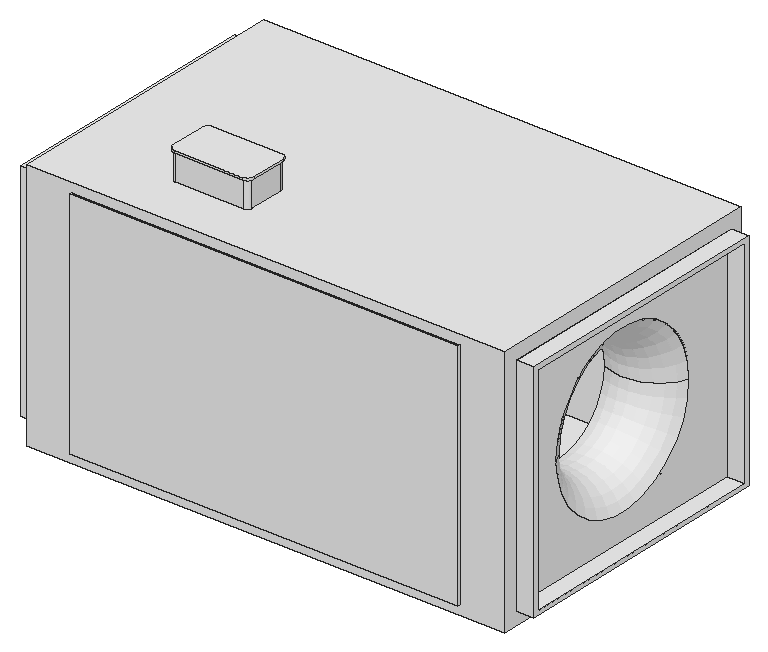
Revit family "In-Line-Centrifugal-Duct-Fan_VIDK_Carnes", category Mechanical Equipment, host Face, Revit 2012
Parameters (values of type "See Type Catalog")
  ecoScorecard_data = ""
  ecoScorecard Product Page = "http://ecoscorecard.com/"
  Warranty URL = "http://www.carnes.com/GeneralCatalogs/termcond.pdf"
  Warranty = ""
  Housing = Aluminum-Carnes-Spun-Brushed
  URL = "http://www.carnes.com/index.html"
  Subcategory = ""
  Specifications URL = ""
  Radius = Damper Size / 2  # 6.000"
  Product Page URL = "http://www.carnes.com/ventilation/vibk-vidk.htm"
  Parts List URL = ""
  Model = "VIDK"
  Material = ""
  Manufacturer Phone = "608-845-6411"  # constant formula
  Manufacturer Fax = "608-845-6470"  # constant formula
  Manufacturer Email = "mailto:carnes@carnes.com"
  Manufacturer Address = "448 S. Main St., P. O. Box 930040, Verona, WI 53593-0040"  # constant formula
  Manufacturer = "Carnes Company"  # constant formula
  IOM Instructions URL = "http://www.carnes.com/ventilation/pdf/1403.pdf"
  F = 12.500"
  E = 25.125"
  Description = "Centrifugal Duct Fan"  # constant formula
  Default Elevation = 0.000"
  Damper Size = 12.000"
  D = 16.500"
  Cost Info = "mailto:carnes@carnes.com"
  Catalog URL = "http://www.carnes.com/ventilation/pdf/C179-C213.pdf"
  C = 12.000"
  B = 28.625"
  Assembly Code = "D3040200"
  A = 14.000"
  95 CSI = "15830"  # constant formula
  04 CSI = "23 34 23"  # constant formula
Reference planes (in)
  plane 1 "Center (Front/Back)": y = 0
  plane 2: z = 0
  plane 3 "Center (Left/Right)": x = 0
  plane 4: y = 8.25
  plane 5: x = -12.5625
  plane 6: y = -8.25
  plane 7: x = 12.5625
  plane 8: x = -14.3125
  plane 9: x = 14.3125
  plane 10: x = 13.3125
  plane 11: x = -13.3125
  plane 12: z = 14
  plane 13: z = 13.25
  plane 14: z = 0.75
  plane 15: z = 7
  plane 16: z = 13
  plane 17: z = 1
  plane 18: z = 10
  plane 19: z = 4
  plane 20: y = -8.375
  plane 21: z = 26
  plane 22: y = 7.75
  plane 23: y = -7.875
  plane 24: x = -0.8125
  plane 25: x = -9.79137
  plane 26: x = -0.6875
  plane 27: x = -9.91637
  plane 28: z = 14.125
  plane 29: x = -2.3125
  plane 30: x = -8.29137
  plane 31: z = 15.625
  plane 32: x = -0.5625
  plane 33: x = -10.04137
  plane 34: x = 9.71153
  plane 35: z = 14.25
  plane 36: z = 10.25
Forms (in)
  Sweep 1, solid, material "Aluminum-Carnes-Spun-Brushed" <- "Housing", detail levels fine
    path origin (0, 0, 0) x (1, 0, 0) y (0, 1, 0)
      loop
        line (13.3125, 0) -> (-13.3125, 0)
    profile origin (0, 0, 0) x (0, -1, 0) y (0, 0, 1)
      loop
        line (-8.25, 0) -> (8.25, 0) -> (8.25, 14) -> (-8.25, 14) -> (-8.25, 0)
      loop
        line (7.45, 13.25) -> (-7.5, 13.25) -> (-7.5, 0.75) -> (7.45, 0.75) -> (7.45, 13.25)
  Sweep 2, solid, material "Aluminum-Carnes-Spun-Brushed" <- "Housing", detail levels fine
    path in 3D
      loop
        line (13.3125, 7.5, 13.25) -> (13.3125, 7.5, 0.75) -> (13.3125, -7.45, 0.75) -> (13.3125, -7.45, 13.25) -> (13.3125, 7.5, 13.25)
    profile origin (13.3125, 0.025, 13.25) x (1, 0, 0) y (0, 0, -1)
      loop
        line (0, 0.25) -> (0, 0) -> (1, 0) -> (1, 0.25) -> (0, 0.25)
  Extrusion 3, solid, material "Aluminum-Carnes-Spun-Brushed" <- "Housing", detail levels fine
    sketch origin (13.3125, 0, 0) x (0, 1, 0) y (0, 0, 1)
      loop
        line (-7.45, 0.75) -> (7.5, 0.75) -> (7.5, 13.25) -> (-7.45, 13.25) -> (-7.45, 0.75)
    from -3.60097 to 0
  Sweep 4, void
    path origin (13.3125, 17.35966, 48) x (0, 1, 0) y (0, 0, 1)
      loop
        circle (-17.35966, -41) r 6
    profile origin (13.3125, 0, 13) x (0, 0, -1) y (1, 0, 0)
      loop
        line (2.75072, -3.60097) -> (5.75, -3.60097) -> (5.75, 0) -> (1.36843, 0)
        arc (1.36843, 0) -> (2.82175, -1.50791) -> (2.75072, -3.60097) r 2.68615
  Extrusion 5, void
    sketch origin (13.3125, 17.35966, 48) x (0, -1, 0) y (0, 0, 1)
      loop
        circle (17.35966, -41) r 0.25
    from 0 to 3.60097
  Sweep 6, solid, material "Aluminum-Carnes-Spun-Brushed" <- "Housing", detail levels fine
    path in 3D
      loop
        line (-13.3125, -7.45, 13.25) -> (-13.3125, -7.45, 0.75) -> (-13.3125, 7.5, 0.75) -> (-13.3125, 7.5, 13.25) -> (-13.3125, -7.45, 13.25)
    profile origin (-13.3125, 0.025, 13.25) x (-1, 0, 0) y (0, 0, -1)
      loop
        line (0, 0) -> (1, 0) -> (1, 0.25) -> (0, 0.25) -> (0, 0)
  Extrusion 7, void
    sketch origin (0, 0, 0) x (1, 0, 0) y (0, 0, 1)
      loop
        line (-10.3125, 13) -> (-10.3125, 1) -> (10.3125, 1) -> (10.3125, 13) -> (-10.3125, 13)
    from 7.45 to 8.25
  Extrusion 8, solid, material "Aluminum-Carnes-Spun-Brushed" <- "Housing", detail levels fine
    sketch origin (13.3125, -8.25, 14) x (-1, 0, 0) y (0, 0, -1)
      loop
        line (24.125, 0.5) -> (24.125, 13.5) -> (2.5, 13.5) -> (2.5, 0.5) -> (24.125, 0.5)
    from 0 to 0.125
  Revolve 9, solid, material "Aluminum-Carnes-Spun-Brushed" <- "Housing", detail levels fine
    sketch origin (0, 0, 0) x (1, 0, 0) y (0, 0, 1)
      loop
        line (7.21153, 10.25) -> (6.96153, 10.25) -> (6.96153, 7.24928) -> (6.21153, 7.24928) -> (6.21153, 7.74928) -> (5.71153, 7.74928) -> (5.71153, 7.24928) -> (-0.28847, 7.24928) -> (-0.28847, 7.74928) -> (-0.78847, 7.74928) -> (-0.78847, 7.24928) -> (-10.557, 7.24928) -> (-10.557, 8.61528) -> (-10.807, 8.61528) -> (-10.807, 7.74928) -> (-11.057, 7.74928) -> (-11.057, 8.61528) -> (-11.307, 8.61528) -> (-11.307, 7.24928) -> (-12.5625, 7.24928) -> (-12.5625, 7) -> (7.21153, 7) -> (7.21153, 10.25)
      axis (-12.5625, 7) -> (7.21153, 7)
    angle from 0 to 360
  Extrusion 10, solid, material "Aluminum-Carnes-Spun-Brushed" <- "Housing", detail levels fine
    sketch origin (13.3125, 8.25, 14) x (-1, 0, 0) y (0, -1, 0)
      loop
        arc (20.625, 11.11487) -> (20.80178, 11.18809) -> (20.875, 11.36487) r 0.25
        line (20.875, 11.36487) -> (20.875, 13.36487)
        arc (20.875, 13.36487) -> (20.80178, 13.54164) -> (20.625, 13.61487) r 0.25
        line (20.625, 13.61487) -> (16.8125, 13.61487)
        arc (16.8125, 13.61487) -> (16.63572, 13.54164) -> (16.5625, 13.36487) r 0.25
        line (16.5625, 13.36487) -> (16.5625, 11.36487)
        arc (16.5625, 11.36487) -> (16.63572, 11.18809) -> (16.8125, 11.11487) r 0.25
        line (16.8125, 11.11487) -> (20.625, 11.11487)
    from 0 to 1.5
  Extrusion 11, solid, material "Aluminum-Carnes-Spun-Brushed" <- "Housing", detail levels fine
    sketch origin (13.3125, 8.25, 15.5) x (-1, 0, 0) y (0, -1, 0)
      loop
        arc (20.625, 11.01487) -> (20.87249, 11.11738) -> (20.975, 11.36487) r 0.35
        line (20.975, 11.36487) -> (20.975, 13.36487)
        arc (20.975, 13.36487) -> (20.87249, 13.61236) -> (20.625, 13.71487) r 0.35
        line (20.625, 13.71487) -> (16.8125, 13.71487)
        arc (16.8125, 13.71487) -> (16.56501, 13.61236) -> (16.4625, 13.36487) r 0.35
        line (16.4625, 13.36487) -> (16.4625, 11.36487)
        arc (16.4625, 11.36487) -> (16.56501, 11.11738) -> (16.8125, 11.01487) r 0.35
        line (16.8125, 11.01487) -> (20.625, 11.01487)
    from 0 to 0.1
Cuts and joins
  Sweep 4, Extrusion 5, Extrusion 7 cuts Extrusion 3
  Extrusion 7 cuts Sweep 1
  Sweep 4 cuts Sweep 2
  joined: Sweep 1, Sweep 2, Sweep 6
  joined: Extrusion 10, Extrusion 11
Lines and regions (in)
  sketch lines
    curve 1: line (13.3125, -7.45, 13.25) -> (13.3125, 7.5, 13.25)
    curve 2: line (13.3125, 7.5, 13.25) -> (13.3125, 7.5, 0.75)
    curve 3: line (13.3125, 7.5, 0.75) -> (13.3125, -7.45, 0.75)
    curve 4: line (13.3125, -7.45, 0.75) -> (13.3125, -7.45, 13.25)
    curve 5: line (-13.3125, 7.5, 13.25) -> (-13.3125, -7.45, 13.25)
    curve 6: line (-13.3125, -7.45, 13.25) -> (-13.3125, -7.45, 0.75)
    curve 7: line (-13.3125, -7.45, 0.75) -> (-13.3125, 7.5, 0.75)
    curve 8: line (-13.3125, 7.5, 0.75) -> (-13.3125, 7.5, 13.25)
  model lines, detail levels coarse+medium
    curve 9: line (13.3125, 8.25, 0) -> (-13.3125, 8.25, 0)
    curve 10: line (-13.3125, 8.25, 0) -> (-13.3125, 7.5, 0)
    curve 11: line (-13.3125, 7.5, 0) -> (-14.3125, 7.5, 0)
    curve 12: line (-14.3125, 7.5, 0) -> (-14.3125, -7.45, 0)
    curve 13: line (-14.3125, -7.45, 0) -> (-13.3125, -7.45, 0)
    curve 14: line (-13.3125, -8.25, 0) -> (-10.8125, -8.25, 0)
    curve 15: line (-10.8125, -8.25, 0) -> (-10.8125, -8.375, 0)
    curve 16: line (-10.8125, -8.375, 0) -> (10.8125, -8.375, 0)
    curve 17: line (10.8125, -8.375, 0) -> (10.8125, -8.25, 0)
    curve 18: line (13.3125, -7.45, 0) -> (14.3125, -7.45, 0)
    curve 19: line (13.3125, 8.25, 0) -> (13.3125, 7.5, 0)
    curve 20: line (14.3125, -7.45, 0) -> (14.3125, 7.5, 0)
    curve 21: line (14.3125, 7.5, 0) -> (13.3125, 7.5, 0)
    curve 22: line (-13.3125, -7.45, 0) -> (-13.3125, -8.25, 0)
    curve 23: line (13.3125, -7.45, 0) -> (13.3125, -8.25, 0)
    curve 24: line (10.8125, -8.25, 0) -> (13.3125, -8.25, 0)
Dimensions and locks (in)
  equal spacing: plane 5, plane 3 "Center (Left/Right)", plane 7
  "E": plane 5 to plane 7
  equal spacing: plane 4, plane 1 "Center (Front/Back)", plane 6
  "D": plane 4 to plane 6
  equal spacing: plane 8, plane 3 "Center (Left/Right)", plane 9
  "B": plane 8 to plane 9
  locked: plane 10 to plane 9 at 1
  locked: plane 8 to plane 11 at 1
  "A": plane 12 to plane 2
  equal spacing: plane 12, plane 15, plane 2
  equal spacing: plane 13, plane 15, plane 14
  "F": plane 13 to plane 14
  equal spacing: plane 16, plane 15, plane 17
  "C": plane 16 to plane 17
  equal spacing: plane 18, plane 15, plane 19
  locked: Sweep 4 sketch curve to plane 15 at 0.25
  locked: plane 20 to plane 6 at 0.125
  locked: Extrusion 8 sketch curve to cut or joined group of Sweep 1, Sweep 2, Sweep 4, Sweep 6, Extrusion 7 at 0.5  (x2)
  locked: Extrusion 8 sketch curve to plane 16 at 0.5
  locked: plane 17 to Extrusion 8 sketch curve at 0.5
  locked: Sweep 1 sketch curve to Sweep 1 sketch curve at 0.8
  equal spacing: host sketch curve, plane 1 "Center (Front/Back)", host sketch curve
  equal spacing: host sketch curve, plane 3 "Center (Left/Right)", host sketch curve
  plane 21 to plane 12 = 12.000"
  locked: plane 4 to plane 22 at 0.5
  locked: plane 23 to plane 20 at 0.5
  locked: plane 25 to plane 8 at 4.52113
  locked: plane 26 to plane 24 at 0.125
  locked: plane 25 to plane 27 at 0.125
  locked: plane 28 to plane 12 at 0.125
  locked: plane 24 to plane 29 at 1.5
  locked: plane 25 to plane 30 at 1.5
  locked: plane 31 to plane 28 at 1.5
  locked: plane 26 to plane 32 at 0.125
  locked: plane 27 to plane 33 at 0.125
  locked: plane 8 to plane 32 at 13.75
  plane 13 to Sweep 4 sketch curve to Sweep 4 sketch curve = 1.61843" locked, 1.38228" locked
  locked: plane 10 to plane 34 at 3.60097
  Revolve 9 sketch curve to Revolve 9 sketch curve to Revolve 9 sketch curve to Revolve 9 sketch curve to Revolve 9 sketch curve to plane 34 = 0.500" locked, 6.000" locked, 0.500" locked, 0.750" locked, 2.750" locked
  Revolve 9 sketch curve to Revolve 9 sketch curve to plane 15 = 0.866" locked, 0.74928" locked
  locked: plane 16 to Revolve 9 sketch curve at 2.75
  Revolve 9 sketch curve to Revolve 9 sketch curve to Revolve 9 sketch curve to Revolve 9 sketch curve to plane 8 = 0.250" locked, 0.250" locked, 0.250" locked, 3.0055" locked
  locked: Revolve 9 sketch curve to Revolve 9 sketch curve at 0.25
  Extrusion 11 to plane 23 = 2.41013"
  locked: plane 5 to Extrusion 10 sketch curve at 5
  "Radius": radius of Sweep 4 sketch curve
  aligned and locked: plane 2 to host face
  aligned and locked: level to host face
  aligned and locked: Sweep 1 sketch curve to plane 1 "Center (Front/Back)"
  aligned and locked: Sweep 1 sketch curve to plane 2
  aligned and locked: Sweep 1 sketch curve to plane 4
  aligned and locked: Sweep 1 sketch curve to plane 12
  aligned and locked: plane 6 to Sweep 1 sketch curve
  aligned and locked: plane 11 to Sweep 1 sketch curve
  aligned and locked: plane 10 to Sweep 1 sketch curve
  aligned and locked: plane 16 to Sweep 2 sketch curve
  aligned and locked: Sweep 2 sketch curve to plane 9
  aligned and locked: plane 13 to Sweep 2 sketch curve
  aligned and locked: plane 10 to Sweep 2 sketch curve
  aligned and locked: plane 13 to Sweep 1 sketch curve
  aligned and locked: Sweep 1 sketch curve to plane 14
  aligned and locked: profile plane to plane 13
  aligned and locked: Extrusion 3 sketch curve to Sweep 1  (x4)
  aligned and locked: plane 1 "Center (Front/Back)" to Sweep 4 sketch curve
  aligned and locked: plane 15 to Sweep 4 sketch curve
  aligned and locked: Extrusion 5 sketch curve to cut or joined group of Extrusion 3, Sweep 4, Extrusion 5, Extrusion 7  (x2)
  aligned and locked: plane 11 to Sweep 6 sketch curve
  aligned and locked: Sweep 6 sketch curve to plane 8
  aligned and locked: Sweep 6 sketch curve to plane 13
  aligned and locked: Sweep 6 sketch curve to plane 16
  aligned and locked: Extrusion 7 sketch curve to plane 16
  aligned and locked: Extrusion 7 sketch curve to plane 17
  aligned and locked: cut or joined group of Sweep 1, Sweep 2, Sweep 4, Sweep 6, Extrusion 7 to Extrusion 7
  aligned and locked: plane 6 to Extrusion 7
  aligned and locked: Extrusion 8 to plane 6
  aligned and locked: Extrusion 8 to plane 20
  aligned and locked: plane 34 to Sweep 4 sketch curve
  aligned and locked: plane 10 to cut or joined group of Extrusion 3, Sweep 4, Extrusion 5, Extrusion 7
  aligned and locked: plane 34 to cut or joined group of Extrusion 3, Sweep 4, Extrusion 5, Extrusion 7
  aligned and locked: Revolve 9 sketch curve to plane 15  (x2)
  aligned and locked: Revolve 9 sketch curve to plane 5
  aligned and locked: Revolve 9 sketch curve to Revolve 9 sketch curve  (x3)
Automatic sketch dimensions
  Sweep 1 sketch curve to Sweep 1 sketch curve = 0.750"
  plane 33 to Extrusion 7 sketch curve = 0.27113"
  plane 7 to Extrusion 7 sketch curve = 2.250"
  Sweep 4 sketch curve to plane 10 = 0.000"
  Sweep 4 sketch curve to profile plane = 0.31401"
  plane 30 to Revolve 9 sketch curve = 1.26401"
  Revolve 9 sketch curve to Revolve 9 sketch curve = 2.99389"
  plane 15 to Revolve 9 sketch curve = 0.24928"  (x3)
  Revolve 9 sketch curve to Revolve 9 sketch curve = 0.24928"
  Extrusion 10 sketch curve to Extrusion 10 sketch curve = 0.250"  (x3)
  Extrusion 10 sketch curve to Extrusion 10 sketch curve = 3.8125"  (x2)
  Extrusion 10 sketch curve to Extrusion 10 sketch curve = 2.000"
  Extrusion 11 sketch curve to Extrusion 10 = 0.250"  (x3)
  Extrusion 10 to Extrusion 11 sketch curve = 0.100"  (x2)
  Extrusion 10 sketch curve to Sweep 1 = 5.38513"
  curve 9 to plane 4 = 0.000"
  plane 6 to curve 22 = 0.000"
  curve 11 to plane 8 = 0.000"
  plane 22 to curve 11 = 0.250"
  plane 23 to curve 12 = 0.425"
  curve 24 to plane 10 = 0.000"
  curve 15 to plane 20 = 0.000"
  plane 33 to curve 15 = 0.77113"
  curve 16 to plane 34 = 1.10097"
  curve 18 to plane 9 = 0.000"
  plane 23 to curve 18 = 0.425"
  plane 22 to curve 20 = 0.250"
  curve 22 to plane 11 = 0.000"
  curve 11 to plane 11 = 0.000"
  plane 6 to curve 17 = 0.000"
  curve 19 to plane 10 = 0.000"
  radius of Extrusion 10 to Extrusion 11 sketch curve = 0.100"
Types in the file's own list only (6): name | Radius | Model | F | E | Default Elevation | Damper Size | D | C | B | A
  VIDK 06 | 6.000 " | "VIDK 06" | 12.500 " | 25.125 " | 0.000 " | 12.000 " | 16.500 " | 12.000 " | 28.625 " | 14.000 "
  VIDK 08 | 6.000 " | "VIDK 08" | 12.500 " | 25.125 " | 0.000 " | 12.000 " | 16.500 " | 12.000 " | 28.625 " | 14.000 "
  VIDK 10 | 8.000 " | "VIDK 10" | 16.500 " | 28.625 " | 0.000 " | 16.000 " | 20.500 " | 16.000 " | 32.125 " | 18.000 "
  VIDK 12 | 8.000 " | "VIDK 12" | 16.500 " | 28.625 " | 0.000 " | 16.000 " | 20.500 " | 16.000 " | 32.125 " | 18.000 "
  VIDK 15 | 11.000 " | "VIDK 15" | 22.500 " | 31.375 " | 0.000 " | 22.000 " | 26.500 " | 22.000 " | 34.875 " | 24.000 "
  VIDK 18 | 13.000 " | "VIDK 18" | 26.500 " | 32.625 " | 0.000 " | 26.000 " | 30.500 " | 26.000 " | 36.125 " | 28.000 "
